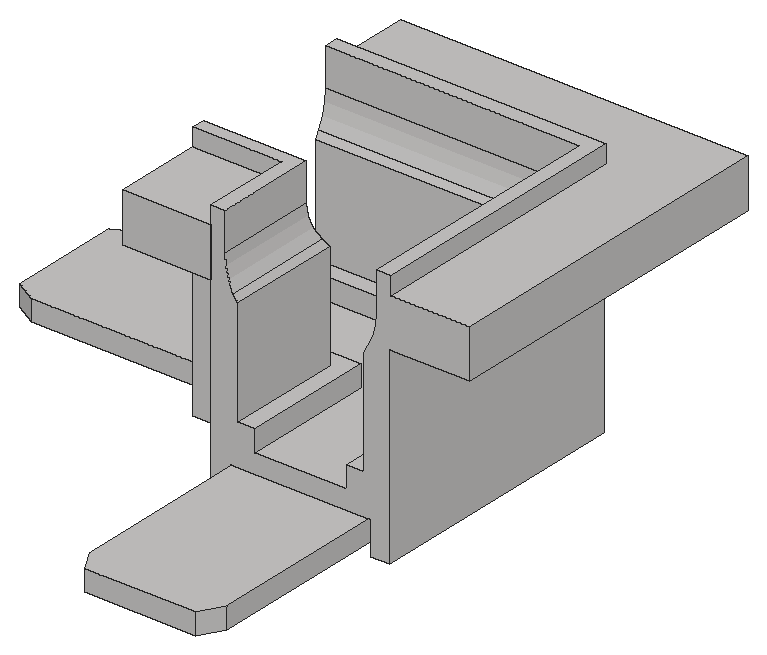
Revit family "cLighting - Luminii - Stenos - Trimless Deep Recessed Track - Corner Joint", category Lighting Fixtures, host Face, Revit 2020
Family settings
  Host = Face
  Round Connector Dimension = Use Diameter
  Part Type = Normal
  OmniClass Number = 23.80.70.11.14.21
  OmniClass Title = Spots and Tracklight Specialties
  Cut with Voids When Loaded = No
  Light Source = No
  Shared = Yes
  Room Calculation Point = No
Parameters (values of type "Stenos Deep Trimless - Corner Joint")
  Width = 1.98504"  # constant formula
  Wattage Comments = "N/A"  # constant formula
  Warranty URL = "https://www.luminii.com/terms-conditions/"
  Voltage Comments = "N/A"  # constant formula
  Voltage = 0 V  # constant formula
  Version = "2020 - v1.0a"  # constant formula
  URL = "https://www.luminii.com/"
  Support Phone = "224-699-9545"  # constant formula
  Support Email = "mailto:support@bimsmith.com"
  Product Page URL = "https://www.luminii.com/product/stenos-deep-recessed-trimless-track/"
  Model = "STD"  # constant formula
  Manufacturer Phone Number = "403-216-7043"  # constant formula
  Manufacturer Email = "mailto: info@sensolighting.com"
  Manufacturer Address = "302 50 Ave SE. Calgary, Alberta, T2G 2A9 Canada"  # constant formula
  Manufacturer = "Luminii"  # constant formula
  Length = 1.99"  # constant formula
  Lamp = "N/A"  # constant formula
  Keynote = "26 50 00"
  Finish = Metal - Luminii - Silver Anodized Aluminum
  Environment = "Indoor"  # constant formula
  Description = "Recessed Micro Optic Track System"  # constant formula
  Depth = 1.44922"  # constant formula
  Default Elevation = 0.00"  # constant formula
  Copyright = "©2023 Luminii"  # constant formula
  built-in parameter 1114216 [instance] = 0  # (empty or 0)
  built-in parameter 1140040 [instance] = 1 = 0  # (empty or 0)
  Assembly Comments [instance] = "Consult Manufacturer Website for more Information"  # constant formula
  Assembly Code = "D5020230"
  Apparent Load = 0 VA  # constant formula
Reference planes (in)
  plane 1 "Center (Front/Back)": y = 0
  plane 2: z = 0
  plane 3 "Center (Left/Right)": x = 0
  plane 4: x = -0.95
  plane 5: x = 0.95
  plane 6: y = 1
  plane 7: y = -1
  plane 8 "A": z = 0
  plane 9: z = 3.115
Forms (in)
  Extrusion 1, solid, material "Metal - Luminii - Silver Anodized Aluminum", not visible
    sketch origin (0, 0, 0) x (1, 0, 0) y (0, 1, 0)
      loop
        circle (0, 0) r 0.5
    from 0 to -0.17225
  Extrusion 2, void
    sketch origin (0, 0, 0) x (1, 0, 0) y (0, 1, 0)
      loop
        line (-1, 0.95) -> (-1, -1) -> (0.95, -1) -> (0.95, 0.95) -> (-1, 0.95)
    from -1.352 to 0
Dimensions and locks (in)
  equal spacing: plane 4, plane 3 "Center (Left/Right)", plane 5
  equal spacing: plane 6, plane 1 "Center (Front/Back)", plane 7
  locked: host face to Extrusion 2 at 1.352
  aligned and locked: host face to plane 2
  aligned and locked: plane 3 "Center (Left/Right)" to Extrusion 1 sketch curve
  aligned and locked: plane 1 "Center (Front/Back)" to Extrusion 1 sketch curve
  aligned and locked: plane 2 to Extrusion 1  (x2)
  aligned and locked: plane 1 "Center (Front/Back)" to nested 1
  aligned and locked: level to Extrusion 2
  aligned and locked: plane 3 "Center (Left/Right)" to nested 1
Automatic sketch dimensions
  host sketch curve to host sketch curve = 193.24349"
  host sketch curve to host sketch curve = 99.00"
  Extrusion 2 sketch curve to plane 7 = 0.00"
  Extrusion 2 sketch curve to plane 5 = 0.00"
  Extrusion 2 sketch curve to plane 4 = 0.05"
  Extrusion 2 sketch curve to plane 6 = 0.05"
  radius of Extrusion 1 sketch curve = 0.50"
Nested families (in)
  nested 1: "Nested - Track" at (0, 0, 0), type "Nested - Track"
Connectors (in)
  electrical at (0, 0, 0), driven by "Voltage", driven by "Apparent Load"
    settings: on Extrusion 1, index 1, voltage 0 V, apparent load 0 VA, apparent load phase1 0 VA, apparent load phase2 0 VA, apparent load phase3 0 VA, power factor 1, load classification "Lighting", number of poles 1, system type 30, power factor state 1, is connector primary yes, connector utility no, sub classification motor no, connector description "Do Not Use"
Definition of nested family "Nested - Track"
  Parameters (values of type "Nested - Track")
    Support Count = (roundup((Length - 8.00") / 18.00") + 1)  # 1
    Right Cap = yes
    Orientation 2 = not(Orientation 1)  # no
    Orientation 1 = yes
    Length = 1.99"
    Left Cap = yes
    Hole Location Option = 1
    Finish = none
    Drywall Thickness = if(Orientation 1, (if(Hole Location Option = 1, 3.00" / 8, if(Hole Location Option = 2, 1.00" / 2, if(Hole Location Option = 3, 5.00" / 8, 3.00" / 4)))), (if(Hole Location Option = 1, 3.00" / 4 + 0.125", if(Hole Location Option = 2, 7.00" / 8 + 0.125", if(Hole Location Option = 3, 1.00" + 0.125", 1.125" + 0.125")))))  # 0.375"
    Default Elevation = 48.00"
  Reference planes (in)
    plane 1 "Center (Front/Back)": y = 0
    plane 2: z = 0
    plane 3 "Center (Left/Right)": x = 0
    plane 4: x = -0.995
    plane 5: x = 0.995
    plane 6: x = 1.12
    plane 7: x = -1.12
    plane 8 "A": z = -0.375
    plane 9: x = 3.005
    plane 10: x = -3.005
  Forms (in)
    Extrusion 1, solid
      sketch origin (0, 0, 0) x (1, 0, 0) y (0, 1, 0)
        loop
          line (-48, 48) -> (-48, -48) -> (48, -48) -> (48, 48) -> (-48, 48)
      from 0 to -12
    Extrusion 2, solid, material <- "Finish", detail levels medium+fine
      sketch origin (0, 0, -2.74904) x (1, 0, 0) y (0, 1, 0)
        loop
          line (-0.44, 0.385) -> (-2, 0.385) -> (-2.125, 0.31283) -> (-2.125, -0.31283) -> (-2, -0.385) -> (-0.44, -0.385) -> (-0.44, -0.23087)
          arc (-0.44, -0.23087) -> (-0.44515, -0.21124) -> (-0.45926, -0.19667) r 0.04
          arc (-0.45926, -0.19667) -> (-0.57, 0) -> (-0.45926, 0.19667) r 0.23
          arc (-0.45926, 0.19667) -> (-0.44515, 0.21124) -> (-0.44, 0.23087) r 0.04
          line (-0.44, 0.23087) -> (-0.44, 0.385)
        loop
          line (-0.385, -0.44) -> (-0.385, -2) -> (-0.31283, -2.125) -> (0.31283, -2.125) -> (0.385, -2) -> (0.385, -0.44) -> (0.23087, -0.44)
          arc (0.23087, -0.44) -> (0.21124, -0.44515) -> (0.19667, -0.45926) r 0.04
          arc (0.19667, -0.45926) -> (0, -0.57) -> (-0.19667, -0.45926) r 0.23
          arc (-0.19667, -0.45926) -> (-0.21124, -0.44515) -> (-0.23087, -0.44) r 0.04
          line (-0.23087, -0.44) -> (-0.385, -0.44)
      from 1.46493 to 1.58304
    Sweep 3, solid, material <- "Finish"
      path origin (0, 0, -2.74904) x (1, 0, 0) y (0, 1, 0)
        loop
          line (-1, 0) -> (0, 0) -> (0, -1)
      profile origin (-0.5, 0, -2.74904) x (0, 1, 0) y (0, 0, 1)
        loop
          line (-0.4275, 2.84904) -> (-0.5025, 2.84904) -> (-0.5025, 1.39704) -> (-0.3925, 1.39704) -> (-0.3925, 1.58304) -> (0.3925, 1.58304) -> (0.3925, 1.39704) -> (0.5025, 1.39704) -> (0.5025, 2.47404) -> (0.95, 2.47404) -> (0.95, 2.74904) -> (0.50753, 2.74904) -> (0.50753, 2.84904) -> (0.4275, 2.84904) -> (0.4275, 2.63596)
          arc (0.4275, 2.63596) -> (0.41472, 2.5389) -> (0.37726, 2.44846) r 0.375
          line (0.37726, 2.44846) -> (0.3545, 2.40904) -> (0.3545, 1.81108) -> (0.2575, 1.81108) -> (0.2575, 1.68904) -> (-0.2575, 1.68904) -> (-0.2575, 1.81108) -> (-0.3545, 1.81108) -> (-0.3545, 2.40904) -> (-0.37726, 2.44846)
          arc (-0.37726, 2.44846) -> (-0.41472, 2.5389) -> (-0.4275, 2.63596) r 0.375
          line (-0.4275, 2.63596) -> (-0.4275, 2.84904)
    Extrusion 4, solid, material <- "Finish"
      sketch origin (0, 0, -3.12404) x (0, 1, 0) y (-1, 0, 0)
        loop
          line (-1, 0.5025) -> (-0.5025, 0.5025) -> (-0.5025, 1) -> (-1, 1) -> (-1, 0.5025)
      from 2.84904 to 3.12404
  Dimensions and locks (in)
    equal spacing: plane 4, plane 3 "Center (Left/Right)", plane 5
    "Length": plane 4 to plane 5
    locked: plane 7 to plane 4 at 0.125
    locked: plane 5 to plane 6 at 0.125
    "Drywall Thickness": plane 2 to plane 8 "A"
    locked: plane 10 to plane 5 at 4
    locked: plane 4 to plane 9 at 4
    aligned and locked: plane 2 to Extrusion 1
    aligned and locked: level to Extrusion 1
  Automatic sketch dimensions
    Extrusion 1 sketch curve to Extrusion 1 sketch curve = 96.00"  (x2)
    plane 1 "Center (Front/Back)" to Extrusion 2 sketch curve = 0.00"
    Extrusion 2 sketch curve to plane 3 "Center (Left/Right)" = 0.00"
    Extrusion 2 sketch curve to plane 3 "Center (Left/Right)" = 0.23087"
    Extrusion 2 sketch curve to plane 3 "Center (Left/Right)" = 0.31283"
    Extrusion 2 sketch curve to plane 3 "Center (Left/Right)" = 0.34"
    Extrusion 2 sketch curve to Extrusion 2 sketch curve = 0.15413"  (x3)
    Extrusion 2 sketch curve to Extrusion 2 sketch curve = 0.10"  (x2)
    Extrusion 2 sketch curve to Extrusion 2 sketch curve = 0.055"  (x2)
    Extrusion 2 sketch curve to Extrusion 2 sketch curve = 0.04"  (x4)
    Extrusion 2 sketch curve to plane 1 "Center (Front/Back)" = 0.385"
    Extrusion 2 sketch curve to Extrusion 2 sketch curve = 1.52"  (x2)
    plane 1 "Center (Front/Back)" to Extrusion 2 sketch curve = 0.385"
    Extrusion 2 sketch curve to Extrusion 2 sketch curve = 0.00"  (x4)
    Extrusion 2 sketch curve to plane 1 "Center (Front/Back)" = 0.31283"
    Extrusion 2 sketch curve to Extrusion 2 sketch curve = 0.125"  (x2)
    plane 3 "Center (Left/Right)" to Extrusion 2 sketch curve = 0.23087"
    plane 3 "Center (Left/Right)" to Extrusion 2 sketch curve = 0.31283"
    Extrusion 2 sketch curve to Extrusion 2 sketch curve = 0.07217"  (x2)
    plane 1 "Center (Front/Back)" to Extrusion 2 sketch curve = 0.44"
    plane 1 "Center (Front/Back)" to Sweep 3 sketch curve = 0.00"
    Sweep 3 sketch curve to plane 3 "Center (Left/Right)" = 0.00"
    Sweep 3 sketch curve to Sweep 3 sketch curve = 1.00"
    plane 1 "Center (Front/Back)" to Sweep 3 sketch curve = 1.00"
    profile plane to Sweep 3 sketch curve = 0.5025"
    Sweep 3 sketch curve to Sweep 3 sketch curve = 0.075"
    Sweep 3 sketch curve to Sweep 3 sketch curve = 0.11"
    Sweep 3 sketch curve to Sweep 3 sketch curve = 0.05024"  (x2)
    Sweep 3 sketch curve to Sweep 3 sketch curve = 0.02276"  (x2)
    Sweep 3 sketch curve to Sweep 3 sketch curve = 0.097"
    profile plane to Sweep 3 sketch curve = 0.0525"
    Sweep 3 sketch curve to profile plane = 0.0525"
    Sweep 3 sketch curve to profile plane = 0.2575"
    Sweep 3 sketch curve to profile plane = 0.3545"
    Sweep 3 sketch curve to Sweep 3 sketch curve = 0.135"
    Sweep 3 sketch curve to Sweep 3 sketch curve = 0.12524"
    Sweep 3 sketch curve to Sweep 3 sketch curve = 0.08003"
    Sweep 3 sketch curve to Sweep 3 sketch curve = 0.4475"
    profile plane to Sweep 3 sketch curve = 1.39704"
    Sweep 3 sketch curve to Sweep 3 sketch curve = 0.00"  (x2)
    Sweep 3 sketch curve to Sweep 3 sketch curve = 0.186"
    Sweep 3 sketch curve to Sweep 3 sketch curve = 0.106"
    Sweep 3 sketch curve to Sweep 3 sketch curve = 0.12205"  (x2)
    Sweep 3 sketch curve to Sweep 3 sketch curve = 0.59795"  (x2)
    Sweep 3 sketch curve to Sweep 3 sketch curve = 0.03942"  (x2)
    Sweep 3 sketch curve to Sweep 3 sketch curve = 0.02558"
    Sweep 3 sketch curve to Sweep 3 sketch curve = 0.275"
    Sweep 3 sketch curve to Sweep 3 sketch curve = 0.10"
    Sweep 3 sketch curve to Sweep 3 sketch curve = 0.21308"
    plane 1 "Center (Front/Back)" to Extrusion 4 sketch curve = 1.00"
    Extrusion 4 sketch curve to Extrusion 4 sketch curve = 0.4975"  (x2)
    Extrusion 4 sketch curve to plane 3 "Center (Left/Right)" = 0.5025"
